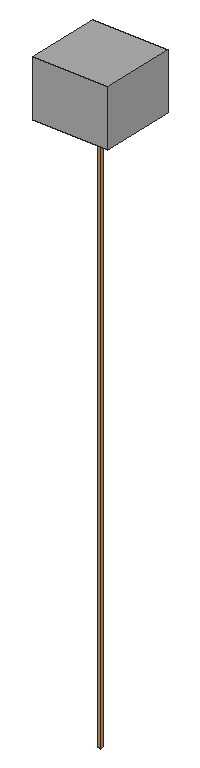
Revit family "EQ_Earth Pit", category Electrical Equipment, Revit 2025
Family settings
  Panel Configuration = Two Columns, Circuits Across
  Round Connector Dimension = Use Diameter
  Part Type = Panelboard
  OmniClass Number = 23.80.30.11.17
  OmniClass Title = Distribution Boards and Control Panels
  Work Plane-Based = No
  Always vertical = Yes
  Cut with Voids When Loaded = No
  Maintain Annotation Orientation = No
  Shared = No
  Room Calculation Point = No
Parameters (values of type "Earth Pit 400x400 + Cu-bonded rod 16mm")
  Target Resistance = "< 1 ohm (example)"
  built-in parameter 1140142 [instance] = -1
  Rod Length [instance] = 3000 mm
  built-in parameter 1140140 [instance] = 1 (stored number, unit not read)
  built-in parameter 1155100 [instance] = -1
  Default Elevation = 0 mm
  Chamber Width = 400 mm
  Chamber Depth = 300 mm
Reference planes
  plane 1 "Center (Front/Back)": y = 0
  plane 2: z = 0
  plane 3 "Center (Left/Right)": x = 0
  plane 4 "Left": x = -200
  plane 5 "Right": x = 200
  plane 6 "Front": y = -200
  plane 7 "Back": y = 200
  plane 8 "Chamber Bottom": z = -300
  plane 9 "Rod Bottom": z = -3300
Forms (mm)
  Extrusion 1, solid, material "Concrete Chamber"
    sketch origin (0, 0, -300) x (1, 0, 0) y (0, 1, 0)
      loop
        line (-200, -200) -> (200, -200) -> (200, 200) -> (-200, 200) -> (-200, -200)
    from 0 to 300
  Extrusion 2, solid, material "Copper"
    sketch origin (0, 0, -3300) x (1, 0, 0) y (0, 1, 0)
      loop
        line (-8, -8) -> (8, -8) -> (8, 8) -> (-8, 8) -> (-8, -8)
    from 0 to 3000
Dimensions and locks
  equal spacing: plane 4 "Left", plane 3 "Center (Left/Right)", plane 5 "Right"
  "Chamber Width": plane 4 "Left" to plane 5 "Right"
  equal spacing: plane 6 "Front", plane 1 "Center (Front/Back)", plane 7 "Back"
  "Chamber Depth": plane 8 "Chamber Bottom" to level
  "Rod Length": plane 9 "Rod Bottom" to plane 8 "Chamber Bottom"
  aligned and locked: level to plane 2
  aligned and locked: level to Extrusion 1
  aligned and locked: plane 8 "Chamber Bottom" to Extrusion 1
  aligned and locked: Extrusion 1 to plane 5 "Right"
  aligned and locked: plane 7 "Back" to Extrusion 1
  aligned and locked: plane 4 "Left" to Extrusion 1
  aligned and locked: Extrusion 1 to plane 6 "Front"
  aligned and locked: Extrusion 2 to plane 8 "Chamber Bottom"
  aligned and locked: plane 9 "Rod Bottom" to Extrusion 2
Automatic sketch dimensions
  Extrusion 1 sketch curve to plane 4 "Left" = 0 mm
  Extrusion 1 sketch curve to plane 5 "Right" = 0 mm
  Extrusion 1 sketch curve to plane 6 "Front" = 0 mm
  Extrusion 1 sketch curve to plane 7 "Back" = 0 mm
  Extrusion 2 sketch curve to plane 3 "Center (Left/Right)" = 8 mm
  plane 3 "Center (Left/Right)" to Extrusion 2 sketch curve = 8 mm
  plane 1 "Center (Front/Back)" to Extrusion 2 sketch curve = 8 mm
  Extrusion 2 sketch curve to plane 1 "Center (Front/Back)" = 8 mm
